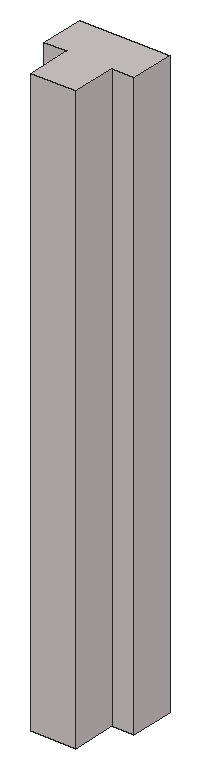
Revit family "Concrete T Shaped", category 기둥, Revit 2026
Family settings
  로드될 때 보이드를 사용하여 절단 = 아니오
  자동으로 형상을 벽에 결합합니다 = 예
  공유 = 아니오
  평면도에서 미리 절단된 패밀리 표시 = 예
Parameters (values of type "460 x 460 mm")
  height1 = 3000 mm
  height = RCC
  Width 2 = 230 mm
  Depth 2- = 230 mm
  Depth 1- = 460 mm
  Width = 460 mm
  Column Material = RCC
Reference planes
  plane 1 "Center (Front/Back)": y = 20
  plane 2: z = 0
  plane 3 "Center (Left/Right)": x = -20
  plane 4 "Left": x = -250
  plane 5 "Right": x = 210
  plane 6 "Back": y = 250
  plane 7 "Front": y = -210
  plane 8: x = 95
  plane 9: x = -135
Forms (mm)
  Extrusion 1, solid, material "RCC" <- "height"
    sketch origin (0, 0, 0) x (1, 0, 0) y (0, 1, 0)
      loop
        line (95, -210) -> (95, 20) -> (210, 20) -> (210, 250) -> (-250, 250) -> (-250, 20) -> (-135, 20) -> (-135, -210) -> (95, -210)
    from 0 to 3000
Dimensions and locks
  "Width": plane 4 "Left" to plane 5 "Right"
  "Depth 2-": plane 1 "Center (Front/Back)" to plane 6 "Back"
  equal spacing: plane 4 "Left", plane 3 "Center (Left/Right)", plane 5 "Right"
  equal spacing: plane 9, plane 3 "Center (Left/Right)", plane 8
  "Width 2": plane 9 to plane 8
  "Depth 1-": plane 7 "Front" to plane 6 "Back"
  aligned and locked: level to Extrusion 1
  aligned and locked: plane 9 to Extrusion 1
  aligned and locked: Extrusion 1 to plane 8
Automatic sketch dimensions
  plane 4 "Left" to Extrusion 1 sketch curve = 0 mm
  Extrusion 1 sketch curve to plane 1 "Center (Front/Back)" = 0 mm  (x2)
  plane 9 to Extrusion 1 sketch curve = 0 mm
  plane 8 to Extrusion 1 sketch curve = 0 mm
  plane 5 "Right" to Extrusion 1 sketch curve = 0 mm
  Extrusion 1 sketch curve to plane 7 "Front" = 0 mm
  Extrusion 1 sketch curve to plane 6 "Back" = 0 mm
